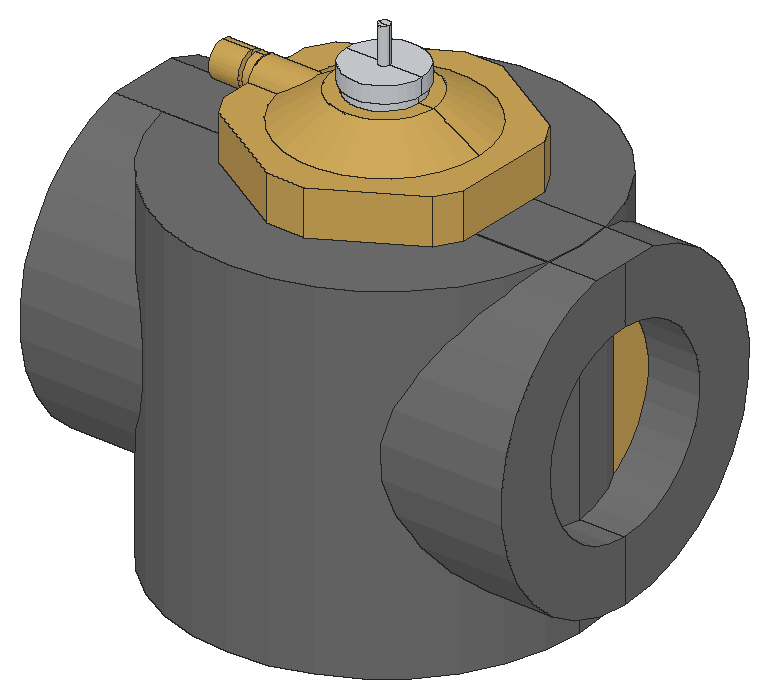
Revit family "Differenzdruckregler 4002 FIX TS 23kPa", category Rohrzubehör, Revit 2020
Family settings
  Bemaßung runder Anschluss = Durchmesser verwenden
  Teiletyp = Unterbricht
  OmniClass-Nummer = 23.65.55.14
  OmniClass-Titel = Valves for Liquid Services
  Arbeitsebenenbasiert = Nein
  Immer vertikal = Ja
  Beim Laden mit Abzugskörper schneiden = Nein
  Gemeinsam genutzt = Nein
Parameters (values of type "Mit Dämmung")
  y2 [instance] = K14 + K9 + H01  # 72.649 mm
  y1 [instance] = (R03 * 2) + R05  # 140.000 mm
  k25 = 9.000 mm
  k24 = 13.000 mm
  k23 = 6.000 mm
  k22 = 22.000 mm
  k21 = 13.000 mm
  k20 = 14.000 mm
  k19 = 2.000 mm
  Vorgabe-Ansicht = 0.000 mm
  Min. Betriebstemperatur (Frostschutz) = -20 °C  # constant formula
  Max. zulässige Betriebstemperatur bis DN32 = 130 °C  # constant formula
  Max. zulässige Betriebstemperatur DN40 - DN50 = 110 °C  # constant formula
  Max. Differenzdruck am Gehäuse = 400000.0 Pa  # constant formula
  Max. Betriebsdruck = 1600000.0 Pa  # constant formula
  Ventilschaft = "Edelstahl 14301"  # constant formula
  VRL01 [instance] = 30.000 mm  # constant formula
  V12 = 17.000 mm  # constant formula
  V10 = 16.000 mm  # constant formula
  V09 [instance] = 11.000 mm  # constant formula
  V08 [instance] = G01 + 3.000 mm  # 38.000 mm
  V03 [instance] = G01 + 5.000 mm  # 40.000 mm
  V02 [instance] = V01 + 4.500 mm  # 29.500 mm
  V01 [instance] = Nennweite / 2  # 25.000 mm
  URL = "www.herz-armaturen.at"
  SCRNSEQ = "ARM;ARM_TYP=\"DIFR\";2"
  SCRNCODE = "05;03;4"  # constant formula
  S07 = 10.000 mm  # constant formula
  S05 [instance] = S01 - 1.000 mm  # 25.000 mm
  S04 [instance] = S02 - 1.000 mm  # 27.000 mm
  S03 [instance] = size_lookup("4002_FIX_TS_23", "S03", 26.500 mm, Nennweite)  # 37.700 mm
  S02 [instance] = size_lookup("4002_FIX_TS_23", "S02", 19.000 mm, Nennweite)  # 28.000 mm
  S01 [instance] = size_lookup("4002_FIX_TS_23", "S01", 14.850 mm, Nennweite)  # 26.000 mm
  Regleranschlussmutter = "Messing CW614N"  # constant formula
  Regelbereich = "FIX 23kPa"  # constant formula
  R06 [instance] = size_lookup("4002_FIX_TS_23", "R06", 14.500 mm, Nennweite)  # 14.500 mm
  R05 [instance] = size_lookup("4002_FIX_TS_23", "R05", 41.000 mm, Nennweite)  # 104.000 mm
  R04 [instance] = size_lookup("4002_FIX_TS_23", "R04", 12.500 mm, Nennweite)  # 14.500 mm
  R03 [instance] = size_lookup("4002_FIX_TS_23", "R03", 8.000 mm, Nennweite)  # 18.000 mm
  R02 = 14.500 mm  # constant formula
  R01 [instance] = size_lookup("4002_FIX_TS_23", "R01", 11.500 mm, Nennweite)  # 37.600 mm
  Min. Betriebstemperatur (reines Wasser) = 2 °C  # constant formula
  O-Ringe = "EPDM"  # constant formula
  Nennweite [instance] = 50.000 mm
  Membrangehäuse = "Messing CW602N"  # constant formula
  Membrane = "EPDM"  # constant formula
  Medium = "Wasserbeschaffenheit nach ÖNORM H 5195 und VDI 2035\r\nDie Verwendung von Ethylen- und Propylenglykol ist im\r\nMischungsverhältnis 25 - 50 Vol.-% zulässig."
  L07 [instance] = size_lookup("4002_FIX_TS_23", "L07", 33.000 mm, Nennweite)  # 70.000 mm
  L06 = 7.000 mm  # constant formula
  L [instance] = size_lookup("4002_FIX_TS_23", "L", 66.000 mm, Nennweite)  # 140.000 mm
  K9 = 4.000 mm  # constant formula
  K8 = 55.000 mm  # constant formula
  K7 = 8.700 mm  # constant formula
  K6 = 11.700 mm  # constant formula
  K5 = 13.000 mm  # constant formula
  K4 = 12.000 mm  # constant formula
  K3 = 15.000 mm  # constant formula
  K2 = 2.350 mm  # constant formula
  K18 = 89.000 mm  # constant formula
  K17 = 66.700 mm  # constant formula
  K16 = 3.000 mm  # constant formula
  K15 = 26.649 mm  # constant formula
  K14 = 16.649 mm  # constant formula
  K13 = 16.649 mm  # constant formula
  K12 = 10.000 mm  # constant formula
  K11 = 35.000 mm  # constant formula
  K10 = 18.250 mm  # constant formula
  K1.1 = 2.350 mm  # constant formula
  K1 = 7.651 mm - 1.000 mm  # 6.651 mm
  J9 = 15.700 mm  # constant formula
  J8 = 7.850 mm  # constant formula
  J7 = 15.897 mm  # constant formula
  J6 = 3.900 mm  # constant formula
  J5 = 6.500 mm  # constant formula
  J4 = 1.500 mm  # constant formula
  J3 = 3.200 mm  # constant formula
  J2 = 11.000 mm  # constant formula
  J11 = 3.500 mm  # constant formula
  J10 = 18.897 mm  # constant formula
  J1 = 6.500 mm  # constant formula
  Hersteller = "HERZ-Armaturen Ges.m.b.H"  # constant formula
  H2 [instance] = size_lookup("4002_FIX_TS_23", "H2", 28.000 mm, Nennweite)  # 58.000 mm
  H1 [instance] = K1 + K2 + K3 + K4 + K5 + K7 + K8 + K16 + 16.650 mm  # 132.351 mm
  H04 = 4.000 mm  # constant formula
  H03 = 9.800 mm  # constant formula
  H02 [instance] = size_lookup("4002_FIX_TS_23", "H02", 53.000 mm, Nennweite)  # 107.000 mm
  H01 [instance] = size_lookup("4002_FIX_TS_23", "H01", 25.000 mm, Nennweite)  # 52.000 mm
  Gehäuse = "DZR Messing CC770S"  # constant formula
  G01 [instance] = size_lookup("4002_FIX_TS_23", "G01", 13.220 mm, Nennweite)  # 35.000 mm
  Hinweise zum Material = "Gemäß Art 33 der REACH-Verordnung (EG Nr. 1907/2006) sind wir verpflichtet, darauf hinzuweisen,\r\ndass der Stoff Blei auf der SVHC-Liste geführt wird und dass alle aus Messing bestehenden Bauteile,\r\ndie in unseren Erzeugnissen verarbeitet sind, mehr als 0,1 % (w/w) Blei (CAS: 7439-92-1 / EINECS:\r\n231-100-4) enthalten. Da Blei als Legierungsbestandteil fest gebunden ist, sind keine Expositionen zu\r\nerwarten und daher sind keine zusätzlichen Angaben zur sicheren Verwendung notwendig.\r\n\r\nIm Hanf enthaltenes Ammoniak schädigt\r\nMessingventilgehäuse, EPDM Dichtungen werden durch\r\nMineralöle bzw. mineralölhaltige Schmierstoffe aufgequollen\r\nund führen somit zum Ausfall der EPDM-Dichtungen. Für\r\nFrost- und Korrosionsschutzmittel auf der Basis von Ethylen- und Propylenglykol sind die entsprechenden\r\nAngaben den Unterlagen des Herstellers zu entnehmen."
  Dämmung = yes
  Dämmschale = "EPP (expandiertes Polypropylen)"  # constant formula
  Druckfeder = "Federstahl, rost-und säurebeständig"  # constant formula
  DN50 [instance] = Nennweite = 50.000 mm  # yes
  DN40 [instance] = Nennweite = 40.000 mm  # no
  DN32-40 [instance] = or(Nennweite = 32.000 mm, Nennweite = 40.000 mm)  # no
  DN32 [instance] = Nennweite = 32.000 mm  # no
  DN25 [instance] = Nennweite = 25.000 mm  # no
  DN20 [instance] = Nennweite = 20.000 mm  # no
  DN15-25 [instance] = or(Nennweite = 15.000 mm, Nennweite = 20.000 mm, Nennweite = 25.000 mm)  # no
  DN15,20,25,32,50 [instance] = or(Nennweite = 15.000 mm, Nennweite = 20.000 mm, Nennweite = 25.000 mm, Nennweite = 32.000 mm, Nennweite = 50.000 mm)  # yes
  DN15 [instance] = Nennweite = 15.000 mm  # no
  D07 [instance] = if(Nennweite = 15.000 mm, 32.000 mm, if(Nennweite = 20.000 mm, 33.000 mm, if(Nennweite = 25.000 mm, 33.000 mm, if(Nennweite = 32.000 mm, 49.000 mm, if(Nennweite = 40.000 mm, 57.560 mm, if(Nennweite = 50.000 mm, 57.560 mm, 0.000 mm))))))  # 57.560 mm
  D06 [instance] = if(Nennweite = 15.000 mm, 32.000 mm, if(Nennweite = 20.000 mm, 33.000 mm, if(Nennweite = 25.000 mm, 33.000 mm, if(Nennweite = 32.000 mm, 49.000 mm, if(Nennweite = 40.000 mm, 57.560 mm, if(Nennweite = 50.000 mm, 57.560 mm, 0.000 mm))))))  # 57.560 mm
  D05 [instance] = if(Nennweite = 15.000 mm, 36.750 mm, if(Nennweite = 20.000 mm, 40.700 mm, if(Nennweite = 25.000 mm, 49.200 mm, if(Nennweite = 32.000 mm, 54.150 mm, if(Nennweite = 40.000 mm, 60.750 mm, if(Nennweite = 50.000 mm, 72.700 mm, 0.000 mm))))))  # 72.700 mm
  D04 [instance] = if(Nennweite = 15.000 mm, 78.500 mm, if(Nennweite = 20.000 mm, 82.000 mm, if(Nennweite = 25.000 mm, 84.000 mm, if(Nennweite = 32.000 mm, 120.000 mm, if(Nennweite = 40.000 mm, 130.000 mm, if(Nennweite = 50.000 mm, 130.500 mm, 0.000 mm))))))  # 130.500 mm
  D03 [instance] = if(Nennweite = 15.000 mm, 96.000 mm, if(Nennweite = 20.000 mm, 110.000 mm, if(Nennweite = 25.000 mm, 112.000 mm, if(Nennweite = 32.000 mm, 152.000 mm, if(Nennweite = 40.000 mm, 170.000 mm, if(Nennweite = 50.000 mm, 179.000 mm, 0.000 mm))))))  # 179.000 mm
  D02 [instance] = size_lookup("4002_FIX_TS_23", "R05", 41.000 mm, Nennweite)  # 104.000 mm
  D01 [instance] = size_lookup("4002_FIX_TS_23", "G01", 13.220 mm, Nennweite)  # 35.000 mm
  Bestellnummer Dämmung [instance] = if(and(Dämmung, Nennweite = 15.000 mm), 1409611, if(and(Dämmung, Nennweite = 20.000 mm), 1409612, if(and(Dämmung, Nennweite = 25.000 mm), 1409613, if(and(Dämmung, Nennweite = 32.000 mm), 1409614, if(and(Dämmung, Nennweite = 40.000 mm), 1409615, if(and(Dämmung, Nennweite = 50.000 mm), 1409616, 0))))))  # 1409616
  Bestellnummer [instance] = size_lookup("4002_FIX_TS_23", "Artnr", 0, Nennweite)  # 1400286
  B2 [instance] = size_lookup("4002_FIX_TS_23", "B2", 31.000 mm, Nennweite)  # 41.000 mm
  B1 [instance] = size_lookup("4002_FIX_TS_23", "B1", 26.000 mm, Nennweite)  # 41.000 mm
  B04 = 100.649 mm  # constant formula
  B03 = 44.500 mm  # constant formula
  B02 = 104.688 mm  # constant formula
  B01 = 10.000 mm  # constant formula
  Anwendungsgebiet = "Der Differenzdruckregler ist ein Regler mit linearer Kennlinie in Geradsitzausführung und arbeitet ohne Hilfsenergie. Der Differenzdruck-Sollwert beträgt 23 kPa, 50 kPa bzw 13 kPa. Im Lieferumfang enthalten ist die Impulsleitung (1000 mm), diese ist mit einem Strangregulierventil im Vorlauf zu verbinden."
  Anschlussnippel = "Messing CW602N"  # constant formula
  Anschlussgewinde für Antrieb = "Messing CW602N"  # constant formula
Types (2, lengths in mm): name | y2 | y1 | V08 | V03 | V02 | V01 | S05 | S04 | S03 | S02 | S01 | R05 | R04 | R03 | R01 | Nennweite | L07 | L | H2 | H02 | H01 | G01 | Dämmung | DN50 | DN15-25 | DN15 | D07 | D06 | D05 | D04 | D03 | D02 | D01 | Bestellnummer Dämmung | Bestellnummer | B2 | B1
  Ohne Dämmung | 45.649 | 66.000 | 16.220 | 18.220 | 12.000 | 7.500 | 13.850 | 18.000 | 25.600 | 19.000 | 14.850 | 50.000 | 12.500 | 8.000 | 11.500 | 15.000 | 33.000 | 66.000 | 28.000 | 53.000 | 25.000 | 13.220 | no | no | yes | yes | 32.000 | 32.000 | 36.750 | 78.500 | 96.000 | 50.000 | 13.220 | 0 | 1400281 | 31.000 | 26.000
  Mit Dämmung | 72.649 | 140.000 | 38.000 | 40.000 | 29.500 | 25.000 | 25.000 | 27.000 | 37.700 | 28.000 | 26.000 | 104.000 | 14.500 | 18.000 | 37.600 | 50.000 | 70.000 | 140.000 | 58.000 | 107.000 | 52.000 | 35.000 | yes | yes | no | no | 57.560 | 57.560 | 72.700 | 130.500 | 179.000 | 104.000 | 35.000 | 1409616 | 1400286 | 41.000 | 41.000
Reference planes
  plane 1 "Mitte (Vorne/hinten)": y = 0
  plane 2: z = 0
  plane 3 "Mitte (Links/rechts)": x = 0
Forms (mm)
  Revolve 1, solid, material "Messing, weicher Gelbton, geschweißt", detail levels fine
    sketch origin (0, 0, 0) x (1, 0, 0) y (0, 0, 1)
      loop
        line (-70, 0) -> (70, 0) -> (70, 35) -> (52, 35) -> (52, 37.6) -> (-52, 37.6) -> (-52, 35) -> (-70, 35) -> (-70, 0)
      axis (-70, 0) -> (70, 0)
    angle from 0 to 360
  Revolve 2, solid, material "Messing, weicher Gelbton, geschweißt", detail levels fine
    sketch origin (0, 0, 0) x (1, 0, 0) y (0, 0, 1)
      loop
        line (0, -58) -> (0, 0) -> (-27, 0) -> (-27, -48.2) -> (-28, -48.2) -> (-28, -58) -> (0, -58)
      axis (0, 0) -> (0, -58)
    angle from 0 to 360
  Extrusion 3, solid, material "Messing, weicher Gelbton, geschweißt", detail levels fine
    sketch origin (0, 0, 0) x (0, -1, 0) y (1, 0, 0)
      loop
        line (-46, -7.038) -> (-27.114, -39.75) -> (-18.886, -44.5) -> (18.886, -44.5) -> (27.114, -39.75) -> (46, -7.038) -> (46, 7.038) -> (27.114, 39.75) -> (18.886, 44.5) -> (-18.886, 44.5) -> (-27.114, 39.75) -> (-46, 7.038) -> (-46, -7.038)
    from 56 to 72.649
  Revolve 4, solid, material "Messing, weicher Gelbton, geschweißt", detail levels fine
    sketch origin (0, 0, -7.051) x (1, 0, 0) y (0, 0, 1)
      loop
        line (0, 79.7) -> (0, 89.7) -> (-18.25, 89.7) -> (-35, 79.7) -> (0, 79.7)
      axis (0, 89.7) -> (0, 79.7)
    angle from 0 to 360
  Revolve 5, solid, material "Messing, weicher Gelbton, geschweißt", visible <- "DN15-25", detail levels fine
    sketch origin (-11, 0, 0) x (1, 0, 0) y (0, 1, 0)
      loop
        line (-3.5, 41) -> (-11.2, 41) -> (-11.2, 0) -> (-3.5, 0) -> (-3.5, 41)
      axis (-3.5, 0) -> (-3.5, 41)
    angle from 0 to 360
  Revolve 6, solid, material "Messing, weicher Gelbton, geschweißt", detail levels fine
    sketch origin (-0.988, 0, -6.853) x (-1, 0, 0) y (0, 0, 1)
      loop
        line (43.5, 78.75) -> (59.2, 78.75) -> (59.2, 85.25) -> (48.2, 85.25) -> (48.2, 82.65) -> (46.7, 82.65) -> (46.7, 85.25) -> (43.5, 85.25) -> (43.5, 78.75)
      axis (43.5, 78.75) -> (59.2, 78.75)
    angle from 0 to 360
  Extrusion 7, solid, material "Messing, weicher Gelbton, geschweißt", detail levels fine
    sketch origin (0, 0, 0) x (0, 1, 0) y (0, 0, -1)
      loop
        line (7.85, -70.547) -> (7.85, -59.5) -> (-7.85, -59.5) -> (-7.85, -70.547)
        arc (-7.85, -70.547) -> (0, -78.397) -> (7.85, -70.547) r 7.85
    from 0 to 44.5
  Revolve 8, solid, material "Messing, weicher Gelbton, geschweißt", visible <- "DN15-25", detail levels fine
    sketch origin (-2, 0, 0) x (1, 0, 0) y (0, 1, 0)
      loop
        line (-12.5, 0) -> (-21.5, 0) -> (-21.5, -41) -> (-12.5, -41) -> (-12.5, 0)
      axis (-12.5, 0) -> (-12.5, -41)
    angle from 0 to 360
  Revolve 9, solid, material "Messing, weicher Gelbton, geschweißt", visible <- "DN15-25", detail levels fine
    sketch origin (2, 0, 0) x (1, 0, 0) y (0, 1, 0)
      loop
        line (12.5, 0) -> (12.5, -41) -> (21.6, -41) -> (21.6, 0) -> (12.5, 0)
      axis (12.5, 0) -> (12.5, -41)
    angle from 0 to 360
  Extrusion 10, solid, material "Messing, weicher Gelbton, geschweißt", visible <- "DN32", detail levels fine
    sketch origin (-31.5, 0, 0) x (1, 0, 0) y (0, 1, 0)
      loop
        circle (63, 0) r 6.578
      loop
        circle (63, 0) r 3.28
    from -47 to 0
  Extrusion 11, solid, material "Messing, weicher Gelbton, geschweißt", visible <- "DN32", detail levels fine
    sketch origin (31.5, 0, 0) x (-1, 0, 0) y (0, -1, 0)
      loop
        circle (63, 0) r 6.578
      loop
        circle (63, 0) r 3.28
    from -47 to 0
  Revolve 12, solid, material "Messing, weicher Gelbton, geschweißt", detail levels fine
    sketch origin (0, 0, 0) x (1, 0, 0) y (0, 0, 1)
      loop
        line (-25, 0) -> (0, 0) -> (0, 56) -> (-21, 56) -> (-21, 52) -> (-26, 52) -> (-26, 42.2) -> (-25, 42.2) -> (-25, 0)
      axis (0, 56) -> (0, 0)
    angle from 0 to 360
  Extrusion 13, solid, material "Messing, weicher Gelbton, geschweißt", visible <- "DN40", detail levels fine
    sketch origin (29.382, 0, 0) x (-1, 0, 0) y (0, -1, 0)
      loop
        circle (63, 0) r 6.578
      loop
        circle (63, 0) r 3.28
    from -58 to 0
  Extrusion 14, solid, material "Messing, weicher Gelbton, geschweißt", visible <- "DN40", detail levels fine
    sketch origin (-29.455, 0, 0) x (1, 0, 0) y (0, 1, 0)
      loop
        circle (63, 0) r 6.578
      loop
        circle (63, 0) r 3.28
    from -58 to 0
  Extrusion 15, solid, material "Messing, weicher Gelbton, geschweißt", visible <- "DN50", detail levels fine
    sketch origin (28.422, 0, 0) x (-1, 0, 0) y (0, -1, 0)
      loop
        circle (63, 0) r 6.578
      loop
        circle (63, 0) r 3.28
    from -58 to 0
  Extrusion 16, solid, material "Messing, weicher Gelbton, geschweißt", visible <- "DN50", detail levels fine
    sketch origin (-28.422, 0, 0) x (1, 0, 0) y (0, 1, 0)
      loop
        circle (63, 0) r 6.578
      loop
        circle (63, 0) r 3.28
    from -58 to 0
  Revolve 17, solid, material "Messing, weicher Gelbton, geschweißt", visible <- "DN32-40", detail levels fine
    sketch origin (-11, 0, 0) x (1, 0, 0) y (0, 1, 0)
      loop
        line (-3.5, -41) -> (-3.5, 0) -> (-11.2, 0) -> (-11.2, -41) -> (-3.5, -41)
      axis (-3.5, 0) -> (-3.5, -41)
    angle from 0 to 360
  Revolve 18, solid, material "Messing, weicher Gelbton, geschweißt", not visible, detail levels fine
    sketch origin (10.652, 0, 0) x (-1, 0, 0) y (0, 0, 1)
      loop
        line (80.652, 0) -> (110.652, 0) -> (110.652, 25) -> (93.652, 25) -> (93.652, 29.5) -> (84.652, 29.5) -> (84.652, 40) -> (77.652, 40) -> (77.652, 38) -> (62.652, 38) -> (62.652, 35) -> (80.652, 35) -> (80.652, 0)
      axis (62.652, 0) -> (110.652, 0)
    angle from 0 to 360
  Revolve 19, solid, material "Messing, weicher Gelbton, geschweißt", not visible, detail levels fine
    sketch origin (-9.448, 0, 0) x (1, 0, 0) y (0, 0, 1)
      loop
        line (79.448, 0) -> (109.448, 0) -> (109.448, 25) -> (92.448, 25) -> (92.448, 29.5) -> (83.448, 29.5) -> (83.448, 40) -> (76.448, 40) -> (76.448, 38) -> (61.448, 38) -> (61.448, 35) -> (79.448, 35) -> (79.448, 0)
      axis (61.448, 0) -> (109.448, 0)
    angle from 0 to 360
  Revolve 20, solid, detail levels fine
    sketch origin (0, 0, 0) x (1, 0, 0) y (0, 0, 1)
      loop
        line (0, 82.649) -> (0, 104.649) -> (-2, 104.649) -> (-2, 91.649) -> (-14, 91.649) -> (-14, 85.649) -> (-13, 85.649) -> (-13, 82.649) -> (0, 82.649)
      axis (0, 104.649) -> (0, 82.649)
    angle from 0 to 360
  Revolve 21, solid, material "Kunststoff-Anthrazit/Schwarz", visible <- "Dämmung", detail levels fine
    sketch origin (0, 0, 0) x (1, 0, 0) y (0, 0, 1)
      loop
        line (89.5, 57.56) -> (-89.5, 57.56) -> (-89.5, 35) -> (-52, 35) -> (-52, 0) -> (0, 0) -> (52, 0) -> (52, 35) -> (89.5, 35) -> (89.5, 57.56)
      axis (-89.5, 0) -> (89.5, 0)
    angle from 0 to 360
  Revolve 22, solid, material "Kunststoff-Anthrazit/Schwarz", visible <- "Dämmung", detail levels fine
    sketch origin (0, 0, 0) x (1, 0, 0) y (0, 0, 1)
      loop
        line (0, -72.94) -> (72.7, -72.94) -> (72.7, 57.56) -> (0, 57.56) -> (0, -72.94)
      axis (0, 57.56) -> (0, -72.94)
    angle from 0 to 360
  Extrusion 23, void
    sketch origin (-283.267, -47.5, 0) x (1, 0, 0) y (0, 1, 0)
      loop
        line (192.065, -46.754) -> (378.267, -46.754) -> (378.267, 136.9) -> (192.065, 136.9) -> (192.065, -46.754)
    from 56 to 72.649
  Extrusion 24, void
    sketch origin (-265.832, -47.5, 0) x (1, 0, 0) y (0, 1, 0)
      loop
        line (148.665, -27.107) -> (383, -27.107) -> (383, 142.5) -> (148.665, 142.5) -> (148.665, -27.107)
    from 56 to 72.649
Cuts and joins
  Extrusion 23 cuts Revolve 21
  Extrusion 24 cuts Revolve 22
Lines and regions (mm)
  model lines, detail levels coarse+medium
    curve 1: line (70, -35, 0) -> (70, 35, 0)
    curve 2: line (70, 35, 0) -> (-70, -35, 0)
    curve 3: line (-70, -35, 0) -> (-70, 35, 0)
    curve 4: line (-70, 35, 0) -> (70, -35, 0)
    curve 5: line (0, -42, 0) -> (0, -56, 0)
    curve 6: spline (-44.5, -64.324, 0) -> (-42.984, -62.17, 0) -> (-38.538, -60.162, 0) -> (-31.466, -58.438, 0) -> (-22.25, -57.115, 0) -> (-11.517, -56.284, 0) -> (0, -56, 0) -> (11.517, -56.284, 0) -> (22.25, -57.115, 0) -> (31.466, -58.438, 0) -> (38.538, -60.162, 0) -> (42.984, -62.17, 0) -> (44.5, -64.325, 0) -> (42.984, -66.479, 0) -> (38.538, -68.487, 0) -> (31.466, -70.211, 0) -> (22.25, -71.534, 0) -> (11.517, -72.365, 0) -> (0, -72.649, 0) -> (-11.517, -72.365, 0) -> (-22.25, -71.534, 0) -> (-31.466, -70.211, 0) -> (-38.538, -68.487, 0) -> (-42.984, -66.479, 0) -> (-44.5, -64.324, 0)
    curve 7: line (-70, 0, 35) -> (-70, 0, -35)
    curve 8: line (-70, 0, -35) -> (70, 0, 35)
    curve 9: line (70, 0, 35) -> (70, 0, -35)
    curve 10: line (70, 0, -35) -> (-70, 0, 35)
    curve 11: line (0, 0, 35) -> (0, 0, 56)
    curve 12: spline (-44.5, 0, 64.325) -> (-42.984, 0, 66.479) -> (-38.538, 0, 68.487) -> (-31.466, 0, 70.211) -> (-22.25, 0, 71.534) -> (-11.517, 0, 72.365) -> (0, 0, 72.649) -> (11.517, 0, 72.365) -> (22.25, 0, 71.534) -> (31.466, 0, 70.211) -> (38.538, 0, 68.487) -> (42.984, 0, 66.479) -> (44.5, 0, 64.324) -> (42.984, 0, 62.17) -> (38.538, 0, 60.162) -> (31.466, 0, 58.438) -> (22.25, 0, 57.115) -> (11.517, 0, 56.284) -> (0, 0, 56) -> (-11.517, 0, 56.284) -> (-22.25, 0, 57.115) -> (-31.466, 0, 58.438) -> (-38.538, 0, 60.162) -> (-42.984, 0, 62.17) -> (-44.5, 0, 64.325)
    curve 13: line (0, 0, 35) -> (35, 0, 17.5)
    curve 14: line (0, 0, 35) -> (-35, 0, 17.5)
    curve 15: line (70, 0, 0) -> (100, 0, 0)
    curve 16: line (-70, 0, 0) -> (-100, 0, 0)
    curve 17: line (0, -42, 0) -> (-18.2, -9.1, 0)
    curve 18: line (0, -42, 0) -> (18.2, -9.1, 0)
    curve 19: line (70, 0, 35) -> (70, 0, -35)
    curve 20: line (70, 0, 35) -> (80, 0, 35)
    curve 21: line (80, 0, 35) -> (70, 0, 0)
    curve 22: line (80, 0, -35) -> (70, 0, 0)
    curve 23: line (70, 0, -35) -> (80, 0, -35)
    curve 24: line (-70, 0, 35) -> (-70, 0, -35)
    curve 25: line (-70, 0, 35) -> (-80, 0, 35)
    curve 26: line (-80, 0, 35) -> (-70, 0, 0)
    curve 27: line (-80, 0, -35) -> (-70, 0, 0)
    curve 28: line (-70, 0, -35) -> (-80, 0, -35)
    curve 29: line (-70, 35, 0) -> (-80, 35, 0)
    curve 30: line (-80, 35, 0) -> (-70, 0, 0)
    curve 31: line (-70, -35, 0) -> (-80, -35, 0)
    curve 32: line (-80, -35, 0) -> (-70, 0, 0)
    curve 33: line (70, -35, 0) -> (70, 35, 0)
    curve 34: line (70, 35, 0) -> (80, 35, 0)
    curve 35: line (80, 35, 0) -> (70, 0, 0)
    curve 36: line (70, -35, 0) -> (80, -35, 0)
    curve 37: line (80, -35, 0) -> (70, 0, 0)
Dimensions and locks
  "G01": Revolve 1 sketch curve to Revolve 1 sketch curve  (x2)
  "R01": Revolve 1 sketch curve to Revolve 1 sketch curve
  "R03": Revolve 1 sketch curve to Revolve 1 sketch curve  (x2)
  "K10": Revolve 4 sketch curve to Revolve 4 sketch curve
  "K11": Revolve 4 sketch curve to Revolve 4 sketch curve
  "B1": Revolve 5 sketch curve to Revolve 5 sketch curve
  "J1": Revolve 6 sketch curve to Revolve 6 sketch curve
  "J3": Revolve 6 sketch curve to Revolve 6 sketch curve
  "J4": Revolve 6 sketch curve to Revolve 6 sketch curve
  "J2": Revolve 6 sketch curve to Revolve 6 sketch curve
  "J5": Revolve 6 sketch curve to Revolve 6 sketch curve
  "J6": Revolve 6 sketch curve to Revolve 6 sketch curve
  "H2": plane 2 to Revolve 2 sketch curve
  "H03": Revolve 2 sketch curve to Revolve 2 sketch curve
  "S02": plane 3 "Mitte (Links/rechts)" to Revolve 2 sketch curve
  "B02": Revolve 6 to Extrusion 3
  "B03": Extrusion 3 to plane 3 "Mitte (Links/rechts)"
  "R04": Revolve 5 sketch curve to plane 3 "Mitte (Links/rechts)"
  "K12": Revolve 4 sketch curve to Revolve 4 sketch curve
  "K13": Revolve 4 sketch curve to Extrusion 3
  "K14": Extrusion 3 to Extrusion 3
  "R05": Revolve 1 sketch curve to Revolve 1 sketch curve
  plane 3 "Mitte (Links/rechts)" to Revolve 1 sketch curve = 70.000 mm
  Revolve 1 sketch curve to plane 3 "Mitte (Links/rechts)" = 70.000 mm
  equal spacing: Revolve 1 sketch curve, plane 3 "Mitte (Links/rechts)", Revolve 1 sketch curve
  "B2": plane 1 "Mitte (Vorne/hinten)" to Revolve 8 sketch curve
  "B2": Revolve 9 sketch curve to plane 1 "Mitte (Vorne/hinten)"
  "R06": Revolve 8 sketch curve to plane 3 "Mitte (Links/rechts)"
  "R06": plane 3 "Mitte (Links/rechts)" to Revolve 9 sketch curve
  "S01": Revolve 12 sketch curve to plane 3 "Mitte (Links/rechts)"
  "S05": plane 3 "Mitte (Links/rechts)" to Revolve 12 sketch curve
  "H04": Revolve 12 sketch curve to Revolve 12 sketch curve
  "H03": Revolve 12 sketch curve to Revolve 12 sketch curve
  "H01": Revolve 12 sketch curve to plane 2
  "K9": Extrusion 3 to Revolve 12
  Revolve 2 sketch curve to Revolve 2 sketch curve = 1.000 mm
  "J7": Revolve 6 sketch curve to Extrusion 3
  "J9": Extrusion 7 sketch curve to Extrusion 7 sketch curve
  "J10": Revolve 6 to Extrusion 7 sketch curve
  "J11": Extrusion 7 sketch curve to Extrusion 3
  equal spacing: curve 7, curve 6, curve 9
  "K18": Extrusion 3 to Extrusion 3
  equal spacing: curve 7, curve 14, curve 14
  equal spacing: curve 14, curve 13, curve 9
  "G01": curve 10 to plane 2
  "G01": plane 2 to curve 8
  "G01": curve 9 to plane 2
  "G01": plane 2 to curve 10
  "K18": curve 12 to curve 12
  "y1": curve 7 to curve 9
  "G01": curve 14 to plane 2
  "K14": curve 12 to curve 12
  "y2": curve 12 to plane 2
  "G01": plane 1 "Mitte (Vorne/hinten)" to curve 4
  "G01": curve 3 to plane 1 "Mitte (Vorne/hinten)"
  equal spacing: curve 3, curve 12, curve 1
  equal spacing: curve 3, curve 18, curve 1
  "y1": curve 3 to curve 1
  "G01": plane 1 "Mitte (Vorne/hinten)" to curve 2
  "G01": curve 4 to plane 1 "Mitte (Vorne/hinten)"
  "K18": curve 6 to curve 6
  "K14": curve 6 to curve 6
  "y2": curve 6 to plane 1 "Mitte (Vorne/hinten)"
  "B1": Revolve 17 sketch curve to Revolve 17 sketch curve
  "R04": Revolve 17 sketch curve to plane 3 "Mitte (Links/rechts)"
  "R03": Revolve 18 sketch curve to Revolve 18 sketch curve
  "V10": Revolve 18 sketch curve to Revolve 18 sketch curve
  "V12": Revolve 18 sketch curve to Revolve 18 sketch curve
  "VRL01": Revolve 18 sketch curve to Revolve 18 sketch curve
  "V02": Revolve 18 sketch curve to plane 2
  "V01": Revolve 18 sketch curve to plane 2
  "G01": Revolve 18 sketch curve to plane 2
  "V08": Revolve 18 sketch curve to plane 2
  "V03": Revolve 18 sketch curve to plane 2
  "R03": Revolve 19 sketch curve to Revolve 19 sketch curve
  "V10": Revolve 19 sketch curve to Revolve 19 sketch curve
  "V12": Revolve 19 sketch curve to Revolve 19 sketch curve
  "VRL01": Revolve 19 sketch curve to Revolve 19 sketch curve
  "V01": Revolve 19 sketch curve to plane 2
  "V02": Revolve 19 sketch curve to plane 2
  "G01": Revolve 19 sketch curve to plane 2
  "V08": Revolve 19 sketch curve to plane 2
  "V03": Revolve 19 sketch curve to plane 2
  "L07": Revolve 18 to plane 3 "Mitte (Links/rechts)"
  "L07": plane 3 "Mitte (Links/rechts)" to Revolve 19
  "S07": curve 28 to Revolve 18
  "S07": curve 26 to Revolve 18
  "S07": Revolve 19 to curve 21
  "S07": Revolve 19 to curve 23
  "G01": plane 2 to curve 28
  "G01": curve 25 to plane 2
  "G01": curve 20 to plane 2
  "G01": plane 2 to curve 23
  "S07": curve 30 to curve 3
  "S07": curve 32 to curve 3
  "S07": curve 33 to curve 35
  "S07": curve 33 to curve 37
  "k20": Revolve 20 sketch curve to Revolve 20 sketch curve
  "k24": Revolve 20 sketch curve to Revolve 20 sketch curve
  "k23": Revolve 20 sketch curve to Revolve 20 sketch curve
  "k21": Revolve 20 sketch curve to Revolve 20 sketch curve
  "k22": Revolve 20 sketch curve to Revolve 20 sketch curve
  "k19": Revolve 20 sketch curve to Revolve 20 sketch curve
  "k25": Revolve 20 to Revolve 4
  "D07": Revolve 21 sketch curve to plane 2
  "D01": Revolve 21 sketch curve to plane 2  (x2)
  "D02": Revolve 21 sketch curve to Revolve 21 sketch curve
  equal spacing: Revolve 21 sketch curve, plane 3 "Mitte (Links/rechts)", Revolve 21 sketch curve  (x2)
  "D03": Revolve 21 sketch curve to Revolve 21 sketch curve
  "D05": Revolve 22 sketch curve to Revolve 22 sketch curve
  "D04": Revolve 22 sketch curve to Revolve 22 sketch curve
  "D06": Revolve 22 sketch curve to plane 2
  "K14": Extrusion 23 to Extrusion 23
  "K14": Extrusion 23 to Extrusion 3
  "K14": Extrusion 24 to Extrusion 24
  "K14": Extrusion 24 to Extrusion 3
  "J8": radius of Extrusion 7 sketch curve
  aligned and locked: level to plane 2
Automatic sketch dimensions
  plane 3 "Mitte (Links/rechts)" to Extrusion 3 sketch curve = 7.038 mm  (x2)
  Extrusion 3 sketch curve to plane 1 "Mitte (Vorne/hinten)" = 46.000 mm
  Extrusion 3 sketch curve to plane 1 "Mitte (Vorne/hinten)" = 27.114 mm  (x2)
  Extrusion 3 sketch curve to Extrusion 3 sketch curve = 8.227 mm  (x4)
  plane 1 "Mitte (Vorne/hinten)" to Extrusion 3 sketch curve = 18.886 mm  (x2)
  Extrusion 3 sketch curve to Extrusion 3 sketch curve = 18.886 mm
  Extrusion 3 sketch curve to plane 3 "Mitte (Links/rechts)" = 7.038 mm  (x2)
  Extrusion 3 sketch curve to Extrusion 3 sketch curve = 32.712 mm  (x4)
  Extrusion 3 sketch curve to Extrusion 3 sketch curve = 4.750 mm  (x2)
  Extrusion 10 sketch curve to Extrusion 10 sketch curve = 0.000 mm  (x2)
  plane 1 "Mitte (Vorne/hinten)" to Extrusion 10 sketch curve = 0.000 mm
  plane 3 "Mitte (Links/rechts)" to Extrusion 10 sketch curve = 31.500 mm
  Extrusion 11 sketch curve to Extrusion 11 sketch curve = 0.000 mm  (x2)
  plane 1 "Mitte (Vorne/hinten)" to Extrusion 11 sketch curve = 0.000 mm
  plane 3 "Mitte (Links/rechts)" to Extrusion 11 sketch curve = 31.500 mm
  Extrusion 13 sketch curve to Extrusion 13 sketch curve = 0.000 mm  (x2)
  plane 1 "Mitte (Vorne/hinten)" to Extrusion 13 sketch curve = 0.000 mm
  plane 3 "Mitte (Links/rechts)" to Extrusion 13 sketch curve = 33.618 mm
  Extrusion 14 sketch curve to Extrusion 14 sketch curve = 0.000 mm  (x2)
  plane 1 "Mitte (Vorne/hinten)" to Extrusion 14 sketch curve = 0.000 mm
  plane 3 "Mitte (Links/rechts)" to Extrusion 14 sketch curve = 33.545 mm
  Extrusion 15 sketch curve to Extrusion 15 sketch curve = 0.000 mm  (x2)
  plane 1 "Mitte (Vorne/hinten)" to Extrusion 15 sketch curve = 0.000 mm
  plane 3 "Mitte (Links/rechts)" to Extrusion 15 sketch curve = 34.578 mm
  Extrusion 16 sketch curve to Extrusion 16 sketch curve = 0.000 mm  (x2)
  plane 1 "Mitte (Vorne/hinten)" to Extrusion 16 sketch curve = 0.000 mm
  plane 3 "Mitte (Links/rechts)" to Extrusion 16 sketch curve = 34.578 mm
  Extrusion 23 sketch curve to plane 1 "Mitte (Vorne/hinten)" = 89.400 mm
  Extrusion 23 sketch curve to plane 3 "Mitte (Links/rechts)" = 91.202 mm
  Extrusion 23 sketch curve to Extrusion 23 sketch curve = 186.202 mm
  plane 1 "Mitte (Vorne/hinten)" to Extrusion 23 sketch curve = 94.254 mm
  Extrusion 24 sketch curve to plane 1 "Mitte (Vorne/hinten)" = 95.000 mm
  Extrusion 24 sketch curve to plane 3 "Mitte (Links/rechts)" = 117.168 mm
  Extrusion 24 sketch curve to Extrusion 24 sketch curve = 234.335 mm
  plane 1 "Mitte (Vorne/hinten)" to Extrusion 24 sketch curve = 74.607 mm
  curve 16 to level = 0.000 mm
  curve 11 to plane 3 "Mitte (Links/rechts)" = 0.000 mm
  curve 12 to plane 3 "Mitte (Links/rechts)" = 0.000 mm
  curve 15 to level = 0.000 mm
  curve 16 to curve 16 = 30.000 mm
  curve 15 to curve 15 = 30.000 mm
  plane 1 "Mitte (Vorne/hinten)" to curve 30 = 0.000 mm
  plane 1 "Mitte (Vorne/hinten)" to curve 32 = 0.000 mm
  curve 18 to plane 3 "Mitte (Links/rechts)" = 0.000 mm
  curve 6 to plane 3 "Mitte (Links/rechts)" = 0.000 mm
  plane 1 "Mitte (Vorne/hinten)" to curve 35 = 0.000 mm
  plane 1 "Mitte (Vorne/hinten)" to curve 37 = 0.000 mm
  curve 5 to curve 17 = 14.000 mm
  plane 1 "Mitte (Vorne/hinten)" to curve 17 = 9.100 mm
  plane 1 "Mitte (Vorne/hinten)" to curve 18 = 9.100 mm
  Revolve 1 sketch curve to level = 0.000 mm  (x2)
  Revolve 1 sketch curve to Revolve 1 sketch curve = 1473.530 mm
  Revolve 1 sketch curve to Revolve 1 sketch curve = 1806.148 mm
  Revolve 2 sketch curve to level = 0.000 mm
  Revolve 2 sketch curve to plane 3 "Mitte (Links/rechts)" = 0.000 mm  (x2)
  Revolve 2 sketch curve to Revolve 2 sketch curve = 1.000 mm
  Revolve 2 sketch curve to Revolve 2 sketch curve = 334.045 mm
  level to Revolve 2 sketch curve = 2218.015 mm
  Revolve 4 sketch curve to plane 3 "Mitte (Links/rechts)" = 0.000 mm  (x2)
  Revolve 4 sketch curve to level = 373.096 mm
  Revolve 4 sketch curve to Revolve 4 sketch curve = 2155.315 mm
  plane 1 "Mitte (Vorne/hinten)" to Revolve 5 sketch curve = 0.000 mm  (x2)
  Revolve 5 sketch curve to Revolve 5 sketch curve = 0.000 mm  (x2)
  Revolve 5 sketch curve to Revolve 5 sketch curve = 7.700 mm
  plane 3 "Mitte (Links/rechts)" to Revolve 6 sketch curve = 44.488 mm
  Revolve 6 sketch curve to Revolve 6 sketch curve = 0.000 mm  (x3)
  Extrusion 7 sketch curve to plane 1 "Mitte (Vorne/hinten)" = 0.000 mm
  Extrusion 7 sketch curve to Extrusion 7 sketch curve = 11.047 mm
  Extrusion 7 sketch curve to Extrusion 7 sketch curve = 0.000 mm
  plane 1 "Mitte (Vorne/hinten)" to Revolve 8 sketch curve = 0.000 mm  (x2)
  Revolve 8 sketch curve to Revolve 8 sketch curve = 9.000 mm
  Revolve 8 sketch curve to Revolve 8 sketch curve = 0.000 mm  (x2)
  plane 1 "Mitte (Vorne/hinten)" to Revolve 9 sketch curve = 0.000 mm  (x2)
  Revolve 9 sketch curve to Revolve 9 sketch curve = 9.100 mm
  Revolve 9 sketch curve to Revolve 9 sketch curve = 0.000 mm  (x2)
  Revolve 12 sketch curve to level = 0.000 mm  (x2)
  Revolve 12 sketch curve to plane 3 "Mitte (Links/rechts)" = 0.000 mm  (x2)
  Revolve 12 sketch curve to Revolve 12 sketch curve = 5.000 mm
  Revolve 12 sketch curve to Revolve 12 sketch curve = 0.000 mm
  plane 1 "Mitte (Vorne/hinten)" to Revolve 17 sketch curve = 0.000 mm  (x2)
  Revolve 17 sketch curve to Revolve 17 sketch curve = 7.700 mm
  Revolve 17 sketch curve to Revolve 17 sketch curve = 0.000 mm  (x2)
  Revolve 18 sketch curve to level = 0.000 mm  (x2)
  plane 3 "Mitte (Links/rechts)" to Revolve 18 sketch curve = 52.000 mm
  Revolve 18 sketch curve to Revolve 18 sketch curve = 4.000 mm
  Revolve 18 sketch curve to Revolve 18 sketch curve = 0.000 mm  (x2)
  Revolve 19 sketch curve to level = 0.000 mm  (x2)
  plane 3 "Mitte (Links/rechts)" to Revolve 19 sketch curve = 52.000 mm
  Revolve 19 sketch curve to Revolve 19 sketch curve = 4.000 mm
  Revolve 19 sketch curve to Revolve 19 sketch curve = 0.000 mm  (x2)
  curve 26 to level = 0.000 mm
  curve 27 to level = 0.000 mm
  curve 22 to level = 0.000 mm
  curve 21 to level = 0.000 mm
  curve 27 to curve 28 = 10.000 mm
  curve 19 to curve 20 = 10.000 mm
  Revolve 20 sketch curve to plane 3 "Mitte (Links/rechts)" = 0.000 mm  (x2)
  level to Revolve 20 sketch curve = 82.649 mm
  Revolve 20 sketch curve to Revolve 20 sketch curve = 0.000 mm  (x2)
  Revolve 21 sketch curve to level = 0.000 mm  (x2)
  Revolve 21 sketch curve to plane 3 "Mitte (Links/rechts)" = 0.000 mm
  Revolve 21 sketch curve to Revolve 21 sketch curve = 0.000 mm  (x2)
  Revolve 22 sketch curve to plane 3 "Mitte (Links/rechts)" = 0.000 mm  (x2)
  Revolve 22 sketch curve to Revolve 22 sketch curve = 0.000 mm  (x2)
  radius of Extrusion 10 sketch curve = 6.578 mm
  radius of Extrusion 10 sketch curve = 3.280 mm
  radius of Extrusion 11 sketch curve = 6.578 mm
  radius of Extrusion 11 sketch curve = 3.280 mm
  radius of Extrusion 13 sketch curve = 6.578 mm
  radius of Extrusion 13 sketch curve = 3.280 mm
  radius of Extrusion 14 sketch curve = 6.578 mm
  radius of Extrusion 14 sketch curve = 3.280 mm
  radius of Extrusion 15 sketch curve = 6.578 mm
  radius of Extrusion 15 sketch curve = 3.280 mm
  radius of Extrusion 16 sketch curve = 6.578 mm
  radius of Extrusion 16 sketch curve = 3.280 mm
Nested families
  nested 1: "Herz-Logo-vorne" at (-0.018, 17.815, -12.904) x (0, -1, 0) z (0, 0, 1), type "Herz-Logo-vorne", detail levels fine
  nested 2: "Herz-Logo-vorne" at (-0.018, 29.612, 0) x (0, -1, 0) z (0, 0, 1), visible <- "DN32", type "Herz-Logo-vorne", detail levels fine
  nested 3: "Herz-Logo-vorne" at (-0.018, 38.665, 0) x (0, -1, 0) z (0, 0, 1), visible <- "DN40", type "Herz-Logo-vorne", detail levels fine
  nested 4: "Herz-Logo-vorne" at (-0.018, 37.548, 0) x (0, -1, 0) z (0, 0, 1), visible <- "DN50", type "Herz-Logo-vorne", detail levels fine
Connectors
  piping at (-70, 0, 0), diameter 50, driven by "Nennweite"
    settings: on Revolve 1, index 1, connector inside diameter 609.6 mm, connector length 0.000 mm, flow factor 0, pipe flow 0.0 L/s, pressure drop 0.0 Pa, fitting loss kfactor 0, connector angle 0.00°, fixture units 0, engagement length 0.000 mm, angle of deflection 0.00°, flow configuration 0, flow direction 1, fitting loss method 0, system type 7, joint type 0, gender type 0, connector reference index -1, connector utility 0, adjustable connector no, is connector primary yes, connector description ""
  piping at (70, 0, 0), diameter 50, driven by "Nennweite"
    settings: on Revolve 1, index 2, connector inside diameter 609.6 mm, connector length 0.000 mm, flow factor 0, pipe flow 0.0 L/s, pressure drop 0.0 Pa, fitting loss kfactor 0, connector angle 0.00°, fixture units 0, engagement length 0.000 mm, angle of deflection 0.00°, flow configuration 0, flow direction 2, fitting loss method 0, system type 29, joint type 0, gender type 0, connector reference index -1, connector utility 0, adjustable connector no, is connector primary no, connector description ""
Definition of nested family "Herz-Logo-vorne"
  Parameters (values of type "Herz-Logo-vorne")
    Default Elevation = 0.000 mm
  Reference planes
    plane 1 "Mitte (Vorne/hinten)": y = 0
    plane 2: z = 0
    plane 3 "Mitte (Links/rechts)": x = 0
  Forms (mm)
    Extrusion 1, solid
      sketch origin (0.732, -0.018, 0.017) x (0, -1, 0) y (0, 0, 1)
        loop
          line (-0.018, -4.517) -> (4.482, -4.517) -> (4.482, 4.483) -> (-4.518, 4.483) -> (-4.518, -4.517) -> (-0.018, -4.517)
        loop
          line (-0.05, -3.48) -> (3.482, -3.48) -> (3.482, 3.483) -> (-3.518, 3.483) -> (-3.518, -3.48) -> (-0.05, -3.48)
        loop
          arc (-0.018, 2.383) -> (-1.543, 3.287) -> (-3.067, 2.383) r 1.738
          arc (-3.067, 2.383) -> (-3.191, 1.899) -> (-3.067, 1.415) r 1.009
          line (-3.067, 1.415) -> (-0.018, -3.281) -> (3.032, 1.415)
          arc (3.032, 1.415) -> (3.156, 1.899) -> (3.032, 2.383) r 1.009
          arc (3.032, 2.383) -> (1.507, 3.287) -> (-0.018, 2.383) r 1.738
        loop
          arc (1.885, 1.272) -> (2.005, 1.675) -> (1.885, 2.079) r 0.74
          arc (1.885, 2.079) -> (1.265, 2.416) -> (0.644, 2.079) r 0.74
          line (0.644, 2.079) -> (-0.018, 0.97) -> (-0.679, 2.079)
          arc (-0.679, 2.079) -> (-1.3, 2.416) -> (-1.921, 2.079) r 0.74
          arc (-1.921, 2.079) -> (-2.04, 1.675) -> (-1.921, 1.272) r 0.74
          line (-1.921, 1.272) -> (-0.018, -1.658) -> (1.885, 1.272)
      from 0 to 1.5
  Dimensions and locks
    aligned and locked: level to plane 2
